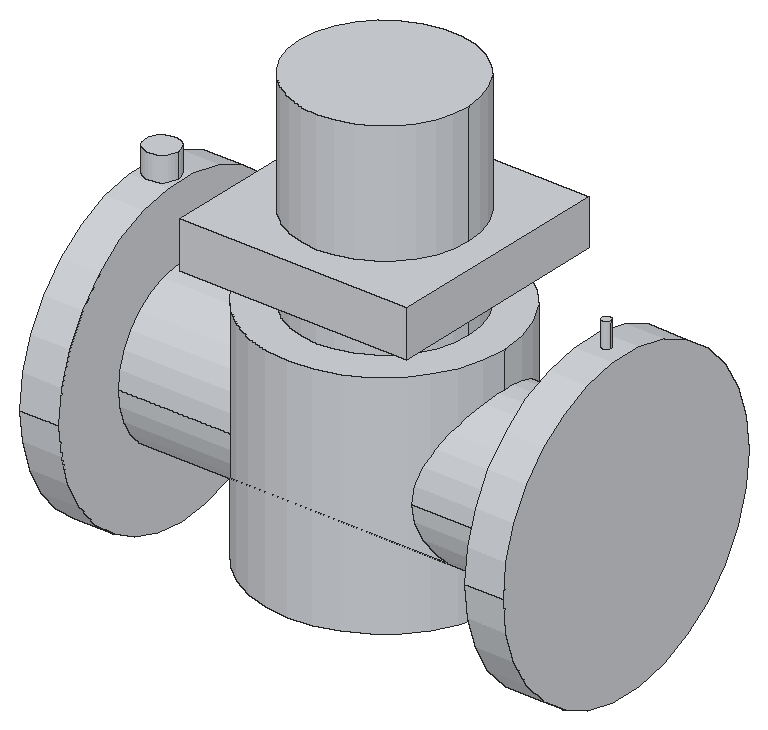
Revit family "PV_Compact_PN25_DN200_(20-100kPa)_RFA_2018", category Pipe Accessories, Revit 2018
Family settings
  Round Connector Dimension = Use Diameter
  Part Type = Valve - Breaks Into
  Work Plane-Based = No
  Always vertical = Yes
  Cut with Voids When Loaded = No
  Shared = No
Parameters (values of type "PV Compact PN25 DN200 (20-100kPa)")
  magiProductId = "21d4a96559b243fabb2a9fe74f4fa1"
  magiProductFamilyId = "7c5767a2a396495b8f1e69654734b4"
  magiPartTypeId = 304
  isMeasuringValve [instance] = no
  ang2D [instance] = 0.00°
  W2D = 50 mm
  VersionID = "2.0/2018.12.13.2/FRESE_PV_COMPACT_BIG_Q13_001"
  Use Minimum Symbol Size [instance] = no
  URL = "www.hydronix.cz"
  Type Comments = "PŘÍRUBOVÝ; PN25; dpmax=1000kPa; -10~+110°C"
  R4 = 105 mm
  R3 = 98.8 mm
  R1 = 150 mm
  QmdConnectorList = "301;D;302;D"
  Productdata [instance] = ""
  Manufacturer = "Hydronix"
  Maintenance Zone Under Depth [instance] = 100 mm
  Maintenance Zone Right Depth [instance] = 100 mm
  Maintenance Zone Over Depth [instance] = 100 mm
  Maintenance Zone Left Depth [instance] = 100 mm
  Maintenance Zone Front Depth [instance] = 100 mm
  Maintenance Zone Back Depth [instance] = 100 mm
  Maintenance Zone Front Visibility [instance] = no
  MC Use Limits From Balancing Method = no
  MC Throttling Minimum Value = 0
  MC Throttling Maximum Value = 0
  MC Product Code = "53-3338 DN200 PN25; nastavitelný rozsah dp=20~100kPa; Q=30,7~123 m3/h;  kvs=275"
  MC Pressure Drop Minimum Value = 0.0 Pa
  MC Pressure Drop Maximum Value = 0.0 Pa
  MC Piping Given Pressure Drop [instance] = 0.0 Pa
  LF__ve = -LF  # -48 mm
  LF2 = 24 mm
  LF = 48 mm
  L4 = 282 mm
  L3 = 504 mm
  L2D_Min = 30.48 mm
  L2D = 230 mm
  L2 = 300 mm
  H6 = 150 mm
  H4 = 57 mm
  H3 = 47.5 mm
  H2 = 142.5 mm
  H1 = 285 mm
  Description = "Nastavitelný regulátor tlakové diference"
  DF2 = 190 mm
  D = 200 mm
  Clearance Zone Height Depth [instance] = 100 mm
  Clearance Zone Circular Radius [instance] = 300 mm
  Clearance Zone Visibility [instance] = no
  CAT0 = yes
Types (7, lengths in mm): name | magiProductId | Type Comments | R4 | R3 | R1 | MC Product Code | LF__ve | LF2 | LF | L4 | L3 | L2 | H6 | H4 | H3 | H2 | H1 | DF2 | D | Clearance Zone Circular Radius
  PV Compact PN25 DN050 (20-100kPa) | "c83fbc6219d94d148ccf13b963e54b" | "PŘÍRUBOVÝ; PN25; dpmax=1000kPa; -10~+120°C" | 40.25 | 42.9 | 57.5 | "53-3320 DN050 PN25; nastavitelný rozsah dp=20~100kPa; Q=3,2~13,0 m3/h;  kvs=29" | -18.4 | 9.2 | 18.4 | 108.1 | 193.2 | 115 | 82.25 | 24.75 | 20.625 | 61.875 | 123.75 | 82.5 | 50 | 115
  PV Compact PN25 DN065 (20-100kPa) | "130d70b5f9404660882d0b277b908a" | "PŘÍRUBOVÝ; PN25; dpmax=1000kPa; -10~+120°C" | 50.75 | 48.1 | 72.5 | "53-3323 DN065 PN25; nastavitelný rozsah dp=20~100kPa; Q=4,7~18,8 m3/h;  kvs=42" | -23.2 | 11.6 | 23.2 | 136.3 | 243.6 | 145 | 105.25 | 27.75 | 23.125 | 69.375 | 138.75 | 92.5 | 65 | 145
  PV Compact PN25 DN080 (20-100kPa) | "a1826ed98cb744f2bf0249353d27a7" | "PŘÍRUBOVÝ; PN25; dpmax=1000kPa; -10~+120°C" | 54.25 | 52 | 77.5 | "53-3326 DN080 PN25; nastavitelný rozsah dp=20~100kPa; Q=7,5~30,0 m3/h;  kvs=67" | -24.8 | 12.4 | 24.8 | 145.7 | 260.4 | 155 | 141 | 30 | 25 | 75 | 150 | 100 | 80 | 155
  PV Compact PN25 DN100 (20-100kPa) | "7cf36ffc9d0642d6874cd3d421d477" | "PŘÍRUBOVÝ; PN25; dpmax=1000kPa; -10~+120°C" | 61.25 | 61.1 | 87.5 | "53-3329 DN100 PN25; nastavitelný rozsah dp=20~100kPa; Q=12,9~51,4 m3/h;  kvs=115" | -28 | 14 | 28 | 164.5 | 294 | 175 | 234.75 | 35.25 | 29.375 | 88.125 | 176.25 | 117.5 | 100 | 175
  PV Compact PN25 DN125 (20-100kPa) | "79fb1938054147a099bb761cc75d0a" | "PŘÍRUBOVÝ; PN25; dpmax=1000kPa; -10~+120°C" | 70 | 70.2 | 100 | "53-3332 DN125 PN25; nastavitelný rozsah dp=20~100kPa; Q=19,0~76,0 m3/h;  kvs=170" | -32 | 16 | 32 | 188 | 336 | 200 | 225.5 | 40.5 | 33.75 | 101.25 | 202.5 | 135 | 125 | 200
  PV Compact PN25 DN150 (20-100kPa) | "9089b5560db447c5b770287446c8b2" | "PŘÍRUBOVÝ; PN25; dpmax=1000kPa; -10~+110°C" | 84 | 74.1 | 120 | "53-3335 DN150 PN25; nastavitelný rozsah dp=20~100kPa; Q=28,0~112 m3/h;  kvs=250" | -38.4 | 19.2 | 38.4 | 225.6 | 403.2 | 240 | 256.25 | 42.75 | 35.625 | 106.875 | 213.75 | 142.5 | 150 | 240
  PV Compact PN25 DN200 (20-100kPa) | "21d4a96559b243fabb2a9fe74f4fa1" | "PŘÍRUBOVÝ; PN25; dpmax=1000kPa; -10~+110°C" | 105 | 98.8 | 150 | "53-3338 DN200 PN25; nastavitelný rozsah dp=20~100kPa; Q=30,7~123 m3/h;  kvs=275" | -48 | 24 | 48 | 282 | 504 | 300 | 150 | 57 | 47.5 | 142.5 | 285 | 190 | 200 | 300
Reference planes
  plane 1 "Center (Front/Back)": y = 0
  plane 2 "XYPLANE": z = 0
  plane 3 "Center (Left/Right)": x = 0
  plane 4 "257": y = -190
  plane 5 "256": y = 190
  plane 6 "255": z = -190
  plane 7 "254": y = -290
  plane 8 "253": y = 290
  plane 9 "252": x = -400
  plane 10 "251": x = 400
  plane 11 "250": z = 497
  plane 12 "249": z = -290
  plane 13 "248": z = 497
  plane 14 "247": z = 397
  plane 15 "157": x = 276
  plane 16 "156": x = -276
  plane 17 "155": z = 190
  plane 18 "154": z = 247
  plane 19 "153": z = 190
  plane 20 "152": z = 142.5
  plane 21 "151": x = -252
  plane 22 "150": z = -142.5
  plane 23 "149": x = 0
  plane 24 "148": y = 0
  plane 25 "147": z = 0
  plane 26 "146": x = -300
  plane 27 "145": x = 300
Forms (mm)
  Blend 1, solid, visible <- "Maintenance Zone Front Visibility"
    base sketch origin (-750, 0, -290) x (1, 0, 0) y (0, 1, 0)
      loop
        line (350, 290) -> (350, -290) -> (1150, -290) -> (1150, 290) -> (350, 290)
    top sketch origin (-750, 0, -290) x (1, 0, 0) y (0, 1, 0)
      loop
        line (350, 290) -> (350, -290) -> (1150, -290) -> (1150, 290) -> (350, 290)
    from 0 to 787
  Blend 2, solid, visible <- "Clearance Zone Visibility"
    base sketch origin (-750, 0, 0) x (1, 0, 0) y (0, 1, 0)
      loop
        circle (750, 0) r 300
    top sketch origin (-750, 0, 0) x (1, 0, 0) y (0, 1, 0)
      loop
        circle (750, 0) r 300
    from 0 to 497
  Extrusion 3, solid, visible <- "CAT0"
    sketch origin (-750, 0, 190) x (1, 0, 0) y (0, 1, 0)
      loop
        circle (1026, 0) r 5.5
    from 0 to 30
  Extrusion 4, solid, visible <- "CAT0"
    sketch origin (-750, 0, 190) x (1, 0, 0) y (0, 1, 0)
      loop
        circle (474, 0) r 20.3
    from 0 to 30
  Extrusion 5, solid
    sketch origin (-750, 0, 247) x (1, 0, 0) y (0, 1, 0)
      loop
        circle (750, 0) r 105
    from 0 to 150 <- "H6"
  Extrusion 6, solid, visible <- "CAT0"
    sketch origin (-750, 0, 190) x (1, 0, 0) y (0, 1, 0)
      loop
        line (891, 141) -> (609, 141) -> (609, -141) -> (891, -141) -> (891, 141)
    from 0 to 57 <- "H4"
  Extrusion 7, solid, visible <- "CAT0"
    sketch origin (-750, 0, 142.5) x (1, 0, 0) y (0, 1, 0)
      loop
        circle (750, 0) r 105
    from 0 to 47.5 <- "H3"
  Extrusion 8, solid, visible <- "CAT0"
    sketch origin (-252, -750, 0) x (0, 1, 0) y (0, 0, 1)
      loop
        circle (750, 0) r 98.8
    from 0 to 504 <- "L3"
  Extrusion 9, solid, visible <- "CAT0"
    sketch origin (-750, 0, -142.5) x (1, 0, 0) y (0, 1, 0)
      loop
        circle (750, 0) r 150
    from 0 to 285 <- "H1"
  Extrusion 10, solid, visible <- "CAT0"
    sketch origin (-300, -750, 0) x (0, 1, 0) y (0, 0, 1)
      loop
        circle (750, 0) r 190
    from 0 to 48 <- "LF"
  Extrusion 11, solid, visible <- "CAT0"
    sketch origin (300, -750, 0) x (0, 1, 0) y (0, 0, 1)
      loop
        circle (750, 0) r 190
    from 0 to -48 <- "LF__ve"
  Extrusion 12, solid, not visible
    sketch origin (-300, -750, 0) x (0, 1, 0) y (0, 0, 1)
      loop
        circle (750, 0) r 10
    from 0 to 10
  Extrusion 13, solid, not visible
    sketch origin (300, -750, 0) x (0, 1, 0) y (0, 0, 1)
      loop
        circle (750, 0) r 10
    from 0 to -10
Lines and regions (mm)
  reference lines, not visible
    curve 1: circle (2, 2, 0) r 1 normal (0, 0, 1)
  reference lines
    curve 2: circle (0, 0, 190) r 1 normal (0, 0, 1)
Dimensions and locks
  plane 1 "Center (Front/Back)" to curve 1 = 2 mm
  "DF2": plane 24 "148" to plane 4 "257"
  "DF2": plane 24 "148" to plane 5 "256"
  "DF2": plane 25 "147" to plane 6 "255"
  "Maintenance Zone Front Depth": plane 4 "257" to plane 7 "254"
  "Maintenance Zone Back Depth": plane 5 "256" to plane 8 "253"
  "Maintenance Zone Left Depth": plane 26 "146" to plane 9 "252"
  "Maintenance Zone Right Depth": plane 27 "145" to plane 10 "251"
  "Maintenance Zone Over Depth": plane 14 "247" to plane 11 "250"
  "Maintenance Zone Under Depth": plane 6 "255" to plane 12 "249"
  "Clearance Zone Height Depth": plane 14 "247" to plane 13 "248"
  "H6": plane 18 "154" to plane 14 "247"
  "LF2": plane 27 "145" to plane 15 "157"
  "LF2": plane 26 "146" to plane 16 "156"
  "DF2": plane 2 "XYPLANE" to plane 17 "155"
  "H4": plane 19 "153" to plane 18 "154"
  "H3": plane 20 "152" to plane 19 "153"
  "H1": plane 22 "150" to plane 20 "152"
  "LF": plane 26 "146" to plane 21 "151"
  "H2": plane 2 "XYPLANE" to plane 22 "150"
  locked: plane 3 "Center (Left/Right)" to plane 23 "149"
  locked: plane 1 "Center (Front/Back)" to plane 24 "148"
  locked: plane 2 "XYPLANE" to plane 25 "147"
  "L2": plane 3 "Center (Left/Right)" to plane 26 "146"
  "L2": plane 3 "Center (Left/Right)" to plane 27 "145"
  Blend 1 sketch curve to Blend 1 sketch curve = 0 mm  (x16)
  equal spacing: Extrusion 6 sketch curve, curve 2, Extrusion 6 sketch curve  (x2)
  "L4": Extrusion 6 sketch curve to Extrusion 6 sketch curve  (x2)
  Extrusion 6 sketch curve to Extrusion 6 sketch curve = 0 mm  (x8)
  "Clearance Zone Circular Radius": radius of Blend 2 sketch curve  (x2)
  "R4": radius of Extrusion 5 sketch curve
  "R4": radius of Extrusion 7 sketch curve
  "R3": radius of Extrusion 8 sketch curve
  "R1": radius of Extrusion 9 sketch curve
  "DF2": radius of Extrusion 10 sketch curve
  "DF2": radius of Extrusion 11 sketch curve
  aligned and locked: level to plane 2 "XYPLANE"
  aligned and locked: Blend 1 sketch curve to plane 8 "253"  (x2)
  aligned and locked: plane 9 "252" to Blend 1 sketch curve  (x4)
  aligned and locked: plane 10 "251" to Blend 1 sketch curve  (x4)
  aligned and locked: plane 8 "253" to Blend 1 sketch curve  (x2)
  aligned and locked: plane 7 "254" to Blend 1 sketch curve  (x4)
  aligned and locked: plane 11 "250" to Blend 1
  aligned and locked: plane 23 "149" to Blend 2 sketch curve  (x2)
  aligned and locked: plane 24 "148" to Blend 2 sketch curve  (x2)
  aligned and locked: plane 13 "248" to Blend 2
  aligned and locked: plane 15 "157" to Extrusion 3 sketch curve
  aligned and locked: plane 24 "148" to Extrusion 3 sketch curve
  aligned and locked: plane 16 "156" to Extrusion 4 sketch curve
  aligned and locked: plane 24 "148" to Extrusion 4 sketch curve
  aligned and locked: plane 23 "149" to Extrusion 5 sketch curve
  aligned and locked: plane 24 "148" to Extrusion 5 sketch curve
  aligned and locked: plane 23 "149" to curve 2
  aligned and locked: plane 24 "148" to curve 2
  aligned and locked: plane 23 "149" to Extrusion 7 sketch curve
  aligned and locked: plane 24 "148" to Extrusion 7 sketch curve
  aligned and locked: Extrusion 8 sketch curve to plane 24 "148"
  aligned and locked: plane 25 "147" to Extrusion 8 sketch curve
  aligned and locked: plane 23 "149" to Extrusion 9 sketch curve
  aligned and locked: plane 24 "148" to Extrusion 9 sketch curve
  aligned and locked: Extrusion 10 sketch curve to plane 24 "148"
  aligned and locked: plane 25 "147" to Extrusion 10 sketch curve
  aligned and locked: Extrusion 11 sketch curve to plane 24 "148"
  aligned and locked: plane 25 "147" to Extrusion 11 sketch curve
  aligned and locked: Extrusion 12 sketch curve to plane 24 "148"
  aligned and locked: plane 25 "147" to Extrusion 12 sketch curve
  aligned and locked: Extrusion 13 sketch curve to plane 24 "148"
  aligned and locked: plane 25 "147" to Extrusion 13 sketch curve
Automatic sketch dimensions
  Extrusion 3 sketch curve to plane 15 "157" = 5.5 mm
  plane 26 "146" to Extrusion 4 sketch curve = 3.7 mm
  plane 1 "Center (Front/Back)" to Extrusion 12 sketch curve = 10 mm
  plane 1 "Center (Front/Back)" to Extrusion 13 sketch curve = 10 mm
  plane 3 "Center (Left/Right)" to curve 1 = 2 mm
  plane 21 "151" to Extrusion 6 sketch curve = 111 mm
  plane 4 "257" to Extrusion 6 sketch curve = 49 mm
  radius of curve 2 = 1 mm
  radius of curve 1 = 1 mm
Connectors
  piping at (-300, 0, 0), diameter 200, driven by "D"
    settings: on Extrusion 12, index 1, connector inside diameter 609.6 mm, connector length 0 mm, flow factor 0, pipe flow 0.0 L/s, pressure drop 0.0 Pa, fitting loss kfactor 0, connector angle 0.00°, fixture units 0, engagement length 0 mm, angle of deflection 0.00°, flow configuration 0, flow direction 0, fitting loss method 0, system type 29, joint type 0, gender type 0, connector reference index 2, connector utility 0, adjustable connector no, is connector primary yes, connector description ""
  piping at (300, 0, 0), diameter 200, driven by "D"
    settings: on Extrusion 13, index 2, connector inside diameter 609.6 mm, connector length 0 mm, flow factor 0, pipe flow 0.0 L/s, pressure drop 0.0 Pa, fitting loss kfactor 0, connector angle 0.00°, fixture units 0, engagement length 0 mm, angle of deflection 0.00°, flow configuration 0, flow direction 0, fitting loss method 0, system type 29, joint type 0, gender type 0, connector reference index 1, connector utility 0, adjustable connector no, is connector primary no, connector description ""
